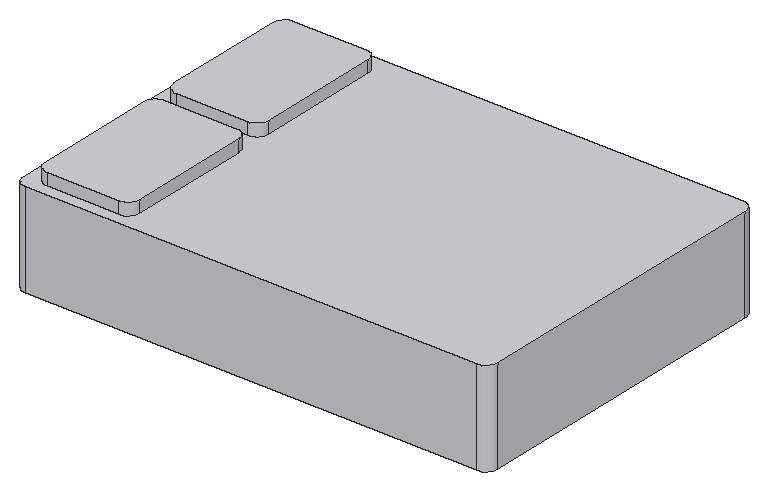
Revit family "Bed", category Furniture, Revit 2018
Family settings
  OmniClass Number = 23.40.20.00
  OmniClass Title = General Furniture and Specialties
  Work Plane-Based = Yes
  Always vertical = Yes
  Cut with Voids When Loaded = No
  Shared = No
  Room Calculation Point = No
Parameters (values of type "1400x2000mm")
  Single bed = no
  Pillow materiale = none
  Double bed = yes
  Distance from wall = 50 mm
  Default Elevation = 0 mm
  Creator Build [instance] = "2017.0420.0"  # constant formula
  Corner rounding = 50 mm
  Bed width = 1400 mm
  Bed materiale = none
  Bed length = 2000 mm
Types (5, lengths in mm): name | Single bed | Double bed | Bed width
  900x2000mm | yes | no | 900
  1600x2000mm | no | yes | 1600
  1800x2000mm | no | yes | 2000
  800x2000mm | yes | no | 800
  1400x2000mm | no | yes | 1400
Reference planes
  plane 1 "Center (Front/Back)": y = 0
  plane 2: z = 0
  plane 3 "Center (Left/Right)": x = 0
  plane 4: y = 700
  plane 5: y = -700
  plane 6 "Top bed": z = 400
  plane 7: x = 50
  plane 8 "Bed length": x = 2050
Forms (mm)
  Extrusion 1, solid, material <- "Bed materiale"
    sketch origin (0, 0, 0) x (1, 0, 0) y (0, 1, 0)
      loop
        arc (100, 700) -> (64.645, 685.355) -> (50, 650) r 50
        line (50, 650) -> (50, -650)
        arc (50, -650) -> (64.645, -685.355) -> (100, -700) r 50
        line (100, -700) -> (2000, -700)
        arc (2000, -700) -> (2035.355, -685.355) -> (2050, -650) r 50
        line (2050, -650) -> (2050, 650)
        arc (2050, 650) -> (2035.355, 685.355) -> (2000, 700) r 50
        line (2000, 700) -> (100, 700)
    from 0 to 400
  Extrusion 2, solid, material <- "Pillow materiale", visible <- "Double bed"
    sketch origin (0, 0, 400) x (-1, 0, 0) y (0, -1, 0)
      loop
        line (-150, 650) -> (-450, 650)
        arc (-450, 650) -> (-485.355, 635.355) -> (-500, 600) r 50
        line (-500, 600) -> (-500, 80)
        arc (-500, 80) -> (-485.355, 44.645) -> (-450, 30) r 50
        line (-450, 30) -> (-150, 30)
        arc (-150, 30) -> (-114.645, 44.645) -> (-100, 80) r 50
        line (-100, 80) -> (-100, 600)
        arc (-100, 600) -> (-114.645, 635.355) -> (-150, 650) r 50
      loop
        arc (-150, -650) -> (-114.645, -635.355) -> (-100, -600) r 50
        line (-100, -600) -> (-100, -80)
        arc (-100, -80) -> (-114.645, -44.645) -> (-150, -30) r 50
        line (-150, -30) -> (-450, -30)
        arc (-450, -30) -> (-485.355, -44.645) -> (-500, -80) r 50
        line (-500, -80) -> (-500, -600)
        arc (-500, -600) -> (-485.355, -635.355) -> (-450, -650) r 50
        line (-450, -650) -> (-150, -650)
    from 0 to 50
  Extrusion 3, solid, material <- "Pillow materiale", visible <- "Single bed"
    sketch origin (0, 0, 400) x (-1, 0, 0) y (0, -1, 0)
      loop
        line (-150, 650) -> (-450, 650)
        arc (-450, 650) -> (-485.355, 635.355) -> (-500, 600) r 50
        line (-500, 600) -> (-500, -600)
        arc (-500, -600) -> (-485.355, -635.355) -> (-450, -650) r 50
        line (-450, -650) -> (-150, -650)
        arc (-150, -650) -> (-114.645, -635.355) -> (-100, -600) r 50
        line (-100, -600) -> (-100, 600)
        arc (-100, 600) -> (-114.645, 635.355) -> (-150, 650) r 50
    from 0 to 50
Dimensions and locks
  "Distance from wall": plane 3 "Center (Left/Right)" to Extrusion 1 sketch curve
  equal spacing: plane 4, plane 1 "Center (Front/Back)", plane 5
  "Bed width": plane 4 to plane 5
  "Corner rounding": plane 5 to Extrusion 2 sketch curve
  "Corner rounding": Extrusion 1 to Extrusion 2 sketch curve  (x2)
  "Corner rounding": plane 4 to Extrusion 2 sketch curve
  locked: Extrusion 3 sketch curve to Extrusion 3 sketch curve at 400
  "Corner rounding": Extrusion 1 to Extrusion 3 sketch curve
  "Corner rounding": plane 4 to Extrusion 3 sketch curve
  "Corner rounding": plane 5 to Extrusion 3 sketch curve
  locked: Extrusion 2 sketch curve to Extrusion 2 sketch curve at 400  (x2)
  equal spacing: Extrusion 2 sketch curve, plane 1 "Center (Front/Back)", Extrusion 2 sketch curve
  "Distance from wall": plane 3 "Center (Left/Right)" to plane 7
  "Bed length": plane 7 to plane 8 "Bed length"
  "Corner rounding": radius of Extrusion 1 sketch curve  (x4)
  "Corner rounding": radius of Extrusion 2 sketch curve  (x8)
  "Corner rounding": radius of Extrusion 3 sketch curve  (x4)
  aligned and locked: level to plane 2
  aligned and locked: Extrusion 1 sketch curve to plane 4
  aligned and locked: Extrusion 1 sketch curve to plane 5
  aligned and locked: plane 6 "Top bed" to Extrusion 1
  aligned and locked: plane 8 "Bed length" to Extrusion 1
Automatic sketch dimensions
  Extrusion 1 sketch curve to plane 8 "Bed length" = 0 mm
  Extrusion 2 sketch curve to plane 1 "Center (Front/Back)" = 80 mm
